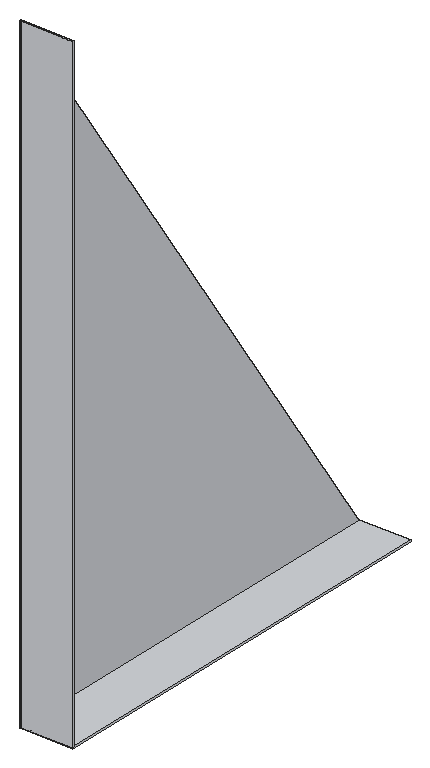
Revit family "bracket_triangle", category Generic Models, host Face, Revit 2024
Family settings
  Host = Face
  Can host rebar = No
  Round Connector Dimension = Use Diameter
  Part Type = Normal
  Cut with Voids When Loaded = No
  Maintain Annotation Orientation = No
  Shared = No
  Room Calculation Point = No
Parameters
  Width [instance] = 2' - 0"
  Thickness [instance] = 0' - 0 1/16"
  Material [instance] = none
  Heigth [instance] = 3' - 0"
  FlangeLenth [instance] = 0' - 3"
  Default Elevation = 4' - 0"
Reference planes (in)
  plane 1 "Center (Front/Back)": y = 0
  plane 2: z = 0
  plane 3 "Center (Left/Right)": x = 0
  plane 4: z = 36
  plane 5: y = 12
  plane 6: y = -12
  plane 7: x = 3
  plane 8: x = 3
  plane 9: x = -4.24863
  plane 10: x = 7.75
Forms (in)
  Extrusion 1, solid, material <- "Material"
    sketch origin (0, 0, 0) x (1, 0, 0) y (0, 1, 0)
      loop
        line (0.03125, 12) -> (0.03125, -12) -> (3, -12) -> (3, 12) -> (0.03125, 12)
    from 0 to 0.0625 <- "Thickness"
  Extrusion 2, solid, material <- "Material"
    sketch origin (-9.32947, -12, 48) x (-1, 0, 0) y (0, 0, 1)
      loop
        line (-12.32947, -12) -> (-12.32947, -48) -> (-9.32947, -48) -> (-9.32947, -12) -> (-12.32947, -12)
    from 0 to 0.0625 <- "Thickness"
Dimensions and locks (in)
  "Heigth": plane 4 to host face
  equal spacing: plane 5, plane 1 "Center (Front/Back)", plane 6
  "Width": plane 5 to plane 6
  "FlangeLenth": plane 3 "Center (Left/Right)" to plane 7
  "FlangeLenth": plane 3 "Center (Left/Right)" to plane 8
  aligned and locked: plane 2 to host face
  aligned and locked: level to host face
  aligned and locked: plane 3 "Center (Left/Right)" to nested 1
  aligned and locked: plane 1 "Center (Front/Back)" to nested 1
  aligned and locked: Extrusion 1 sketch curve to nested 1  (x2)
  aligned and locked: plane 6 to Extrusion 1 sketch curve
  aligned and locked: Extrusion 1 sketch curve to plane 7
  aligned and locked: Extrusion 2 sketch curve to plane 4
  aligned and locked: host face to Extrusion 2 sketch curve
  aligned and locked: plane 3 "Center (Left/Right)" to Extrusion 2 sketch curve
Automatic sketch dimensions
  host sketch curve to host sketch curve = 8' - 0"  (x2)
  plane 8 to Extrusion 2 sketch curve = 0' - 0"
Nested families (in)
  nested 1: "sm_triangle" at (0, 0, 0), length <- "Heigth", width <- "Width", thickness <- "Thickness", material <- "Material", type "sm_triangle"
    with width 2' - 0", thickness 0' - 0 1/16", length 3' - 0"
Definition of nested family "sm_triangle"
  Parameters (values of type "sm_triangle")
    width [instance] = 1' - 0"
    thickness [instance] = 0' - 0 1/16"
    material [instance] = none
    length [instance] = 3' - 0"
    Default Elevation = 4' - 0"
  Reference planes (in)
    plane 1 "Center (Front/Back)": y = 0
    plane 2: z = 0
    plane 3 "Center (Left/Right)": x = 0
    plane 4: y = 6
    plane 5: z = 36
    plane 6: y = -6
    plane 7: x = -0.03125
    plane 8: x = 0.03125
  Forms (in)
    Extrusion 1, solid
      sketch origin (0, 0, 0) x (1, 0, 0) y (0, 1, 0)
        loop
          line (-48, 48) -> (-48, -48) -> (48, -48) -> (48, 48) -> (-48, 48)
      from 0 to -12
    Extrusion 2, solid, material <- "material"
      sketch origin (-0.03125, 4.47618, 48) x (0, 1, 0) y (0, 0, 1)
        loop
          line (1.52382, -48) -> (-10.47618, -12) -> (-10.47618, -48) -> (1.52382, -48)
      from 0 to 0.0625 <- "thickness"
  Dimensions and locks (in)
    equal spacing: plane 4, plane 1 "Center (Front/Back)", plane 6  (x2)
    "length": plane 5 to Extrusion 1
    "thickness": plane 7 to plane 8
    equal spacing: plane 7, plane 3 "Center (Left/Right)", plane 8
    plane 6 to plane 4 = 1' - 0"
    "width": plane 4 to plane 6
    aligned and locked: plane 2 to Extrusion 1
    aligned and locked: level to Extrusion 1
    aligned and locked: Extrusion 2 sketch curve to plane 6
    aligned and locked: Extrusion 1 to Extrusion 2 sketch curve
    aligned and locked: plane 5 to Extrusion 2 sketch curve
  Automatic sketch dimensions
    Extrusion 1 sketch curve to Extrusion 1 sketch curve = 8' - 0"  (x2)
    Extrusion 2 sketch curve to plane 4 = 0' - 0"
